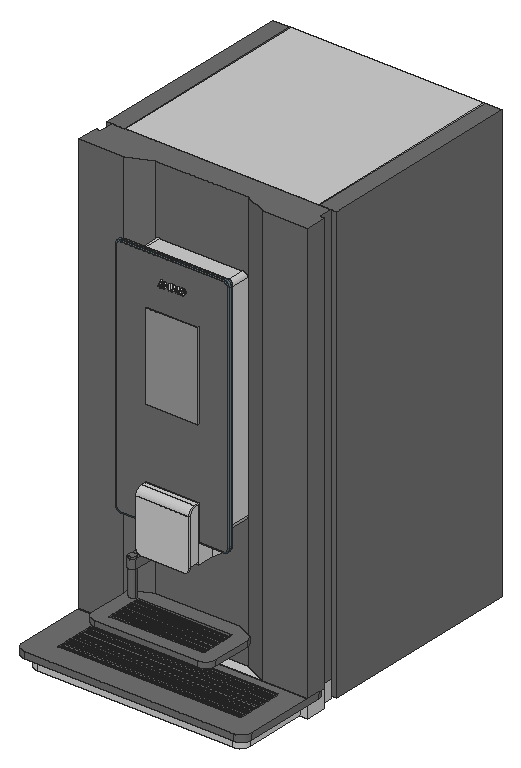
Revit family "QF_Animo_OPTIFRESHTOUCH", category Specialty Equipment, Revit 2014
Parameters (values of type "1006005")
  URL = "www.animo.eu"
  Show Clearance [instance] = yes
  Model = "1006005.000000000000"
  Manufacturer = "ANIMO"
  Description = "OPTIFRESH 3 TOUCH INSTANT COFFEE VENDING MACHINE"
  Assembly Code = "E1090320"
Reference planes
  plane 1 "Back": y = 0
  plane 2: z = 0
  plane 3 "Left": x = 0
  plane 4 "Right": x = 402
  plane 5 "Front": y = -565
  plane 6 "Top": z = 772.3
Forms (mm)
  Extrusion 1, solid
    sketch origin (-500, 0, 0) x (1, 0, 0) y (0, 1, 0)
      loop
        line (500, -390.191) -> (500, -425.191) -> (579.446, -425.191) -> (619.2, -406.011) -> (781.2, -406.011) -> (822.554, -425.191) -> (902, -425.191) -> (902, -390.191) -> (899.784, -387.975) -> (894.784, -387.975) -> (892.8, -385.991) -> (892.8, -362.601) -> (509.2, -362.601) -> (509.2, -385.991) -> (507.216, -387.975) -> (502.216, -387.975) -> (500, -390.191)
    from 34.648 to 772.3
  Extrusion 2, solid
    sketch origin (-498.603, 0, 0) x (1, 0, 0) y (0, 1, 0)
      loop
        line (529.403, -362.4) -> (529.403, 0) -> (498.603, 0) -> (498.603, -362.4) -> (529.403, -362.4)
      loop
        line (900.603, -362.4) -> (900.603, 0) -> (869.803, 0) -> (869.803, -362.4) -> (900.603, -362.4)
    from 7.785 to 772.3
  Extrusion 3, solid
    sketch origin (-498.603, 0, 0) x (1, 0, 0) y (0, 1, 0)
      loop
        line (529.403, 0) -> (529.403, -362.1) -> (869.803, -362.1) -> (869.803, 0) -> (529.403, 0)
    from 772.3 to 75.731
  Extrusion 4, solid
    sketch origin (-500, 0, 0) x (1, 0, 0) y (0, 0, 1)
      loop
        line (773.2, 652.585) -> (627.2, 652.585)
        arc (627.2, 652.585) -> (621.543, 650.242) -> (619.2, 644.585) r 8
        line (619.2, 644.585) -> (619.2, 270.585)
        arc (619.2, 270.585) -> (621.543, 264.928) -> (627.2, 262.585) r 8
        line (627.2, 262.585) -> (773.2, 262.585)
        arc (773.2, 262.585) -> (778.857, 264.928) -> (781.2, 270.585) r 8
        line (781.2, 270.585) -> (781.2, 644.585)
        arc (781.2, 644.585) -> (778.857, 650.242) -> (773.2, 652.585) r 8
    from 406.011 to 459.991
  Extrusion 5, solid
    sketch origin (-500, 0, 0) x (1, 0, 0) y (0, 1, 0)
      loop
        line (753.079, -406.011) -> (647.321, -406.011) -> (647.321, -420.491) -> (653.093, -442.034) -> (653.574, -469.58) -> (746.826, -469.58) -> (747.307, -442.034) -> (753.079, -420.491) -> (753.079, -406.011)
    from 210.236 to 306.931
  Extrusion 6, solid
    sketch origin (-500, -489.133, -0.533) x (1, 0, 0) y (0, 0, 1)
      loop
        line (653.574, 295.466) -> (653.574, 214.245)
        arc (653.574, 214.245) -> (656.508, 207.162) -> (663.591, 204.228) r 10.017
        line (663.591, 204.228) -> (736.809, 204.228)
        arc (736.809, 204.228) -> (743.892, 207.162) -> (746.826, 214.245) r 10.017
        line (746.826, 214.245) -> (746.826, 295.466) -> (653.574, 295.466)
    from 0 to 2
  Extrusion 7, solid
    sketch origin (-500, 0, -0.533) x (0, 1, 0) y (0, 0, 1)
      loop
        arc (-479.135, 307.464) -> (-487.619, 303.95) -> (-491.133, 295.466) r 11.998
        line (-491.133, 295.466) -> (-489.133, 295.466)
        arc (-489.133, 295.466) -> (-486.205, 302.536) -> (-479.135, 305.464) r 9.998
        line (-479.135, 305.464) -> (-469.58, 305.464) -> (-469.58, 307.464) -> (-479.135, 307.464)
    from 653.574 to 746.826
  Extrusion 8, solid
    sketch origin (0, 0, 0) x (0, 1, 0) y (0, 0, 1)
      loop
        line (-489.133, 214.245) -> (-469.58, 214.245) -> (-469.58, 304.931) -> (-479.135, 304.931)
        arc (-479.135, 304.931) -> (-486.205, 302.002) -> (-489.133, 294.932) r 9.998
        line (-489.133, 294.932) -> (-489.133, 214.245)
    from 246.467 to 153.574
  Extrusion 9, solid
    sketch origin (-500, 0, 0) x (1, 0, 0) y (0, 0, 1)
      loop
        arc (610.2, 669.585) -> (605.25, 667.535) -> (603.2, 662.585) r 7
        line (603.2, 662.585) -> (603.2, 252.585)
        arc (603.2, 252.585) -> (605.25, 247.636) -> (610.2, 245.585) r 7
        line (610.2, 245.585) -> (654.259, 245.585) -> (654.259, 307.464) -> (746.141, 307.464) -> (746.141, 245.585) -> (790.2, 245.585)
        arc (790.2, 245.585) -> (795.15, 247.636) -> (797.2, 252.585) r 7
        line (797.2, 252.585) -> (797.2, 662.585)
        arc (797.2, 662.585) -> (795.15, 667.535) -> (790.2, 669.585) r 7
        line (790.2, 669.585) -> (610.2, 669.585)
    from 459.991 to 469.566
  Extrusion 10, solid
    sketch origin (-500, -120, 0) x (1, 0, 0) y (0, 0, 1)
      loop
        line (610.2, 669.585) -> (790.2, 669.585)
        arc (790.2, 669.585) -> (795.15, 667.535) -> (797.2, 662.585) r 7
        line (797.2, 662.585) -> (797.2, 252.585)
        arc (797.2, 252.585) -> (795.15, 247.636) -> (790.2, 245.585) r 7
        line (790.2, 245.585) -> (746.141, 245.585) -> (746.141, 242.585) -> (790.2, 242.585)
        arc (790.2, 242.585) -> (797.271, 245.514) -> (800.2, 252.585) r 10
        line (800.2, 252.585) -> (800.2, 662.585)
        arc (800.2, 662.585) -> (797.271, 669.656) -> (790.2, 672.585) r 10
        line (790.2, 672.585) -> (610.2, 672.585)
        arc (610.2, 672.585) -> (603.129, 669.656) -> (600.2, 662.585) r 10
        line (600.2, 662.585) -> (600.2, 252.585)
        arc (600.2, 252.585) -> (603.129, 245.514) -> (610.2, 242.585) r 10
        line (610.2, 242.585) -> (654.259, 242.585) -> (654.259, 245.585) -> (610.2, 245.585)
        arc (610.2, 245.585) -> (605.25, 247.636) -> (603.2, 252.585) r 7
        line (603.2, 252.585) -> (603.2, 662.585)
        arc (603.2, 662.585) -> (605.25, 667.535) -> (610.2, 669.585) r 7
    from 345 to 349.566
  Extrusion 11, solid
    sketch origin (-500, -469.566, 0) x (1, 0, 0) y (0, 0, 1)
      loop
        line (654.7, 582.585) -> (654.7, 430.585) -> (745.7, 430.585) -> (745.7, 582.585) -> (654.7, 582.585)
    from 0 to 2
  Extrusion 12, solid, visible <- "Show Clearance"
    sketch origin (-500, -469.566, 0) x (1, 0, 0) y (0, 0, 1)
      loop
        line (676.45, 623.922) -> (677.642, 623.922) -> (681.258, 631.675) -> (684.681, 623.922) -> (686.065, 623.922) -> (681.258, 635.2) -> (676.45, 623.922)
      loop
        line (686.987, 623.922) -> (688.064, 623.922) -> (688.064, 630.993) -> (695.136, 623.922) -> (696.273, 623.922) -> (696.273, 634.164) -> (695.136, 634.164) -> (695.136, 625.946) -> (686.987, 634.095) -> (686.987, 623.922)
      loop
        line (698.118, 634.164) -> (698.118, 623.922) -> (699.253, 623.922) -> (699.253, 634.164) -> (698.118, 634.164)
      loop
        line (700.762, 623.922) -> (701.883, 623.922) -> (703.255, 631.701) -> (706.885, 623.186) -> (710.143, 630.829) -> (711.571, 623.922) -> (712.691, 623.922) -> (710.574, 634.164) -> (709.453, 634.164) -> (706.622, 627.522) -> (703.689, 634.164) -> (702.568, 634.164) -> (700.762, 623.922)
      loop
        circle (718.601, 629.021) r 5.143
      loop
        circle (718.601, 629.021) r 4.034
      loop
        circle (681.032, 623.922) r 1.435
    from 0 to 2
  Extrusion 13, solid
    sketch origin (-500, 0, 0) x (1, 0, 0) y (0, 1, 0)
      loop
        line (598.815, -416.144) -> (598.454, -439.586)
        arc (598.454, -439.586) -> (605.409, -447.747) -> (614.569, -442.173) r 8.265
        line (614.569, -442.173) -> (615.157, -408.524) -> (598.815, -416.144)
    from 145 to 160.101
  Extrusion 14, solid
    sketch origin (-500, 0, 0) x (1, 0, 0) y (0, 1, 0)
      loop
        circle (606.4, -439.772) r 6.186
    from 41.241 to 162.271
  Extrusion 15, solid
    sketch origin (-500, 0, -102.5) x (1, 0, 0) y (0, 1, 0)
      loop
        line (598.815, -416.144) -> (598.454, -439.586)
        arc (598.454, -439.586) -> (605.409, -447.747) -> (614.569, -442.173) r 8.265
        line (614.569, -442.173) -> (615.157, -408.524) -> (598.815, -416.144)
    from 145 to 160.101
  Extrusion 16, solid
    sketch origin (-500, 0, 0) x (1, 0, 0) y (0, 1, 0)
      loop
        line (592.478, -439.964) -> (592.478, -509.772)
        arc (592.478, -509.772) -> (597.523, -521.95) -> (609.7, -526.994) r 17.222
        line (609.7, -526.994) -> (790.7, -526.994)
        arc (790.7, -526.994) -> (802.877, -521.95) -> (807.922, -509.772) r 17.222
        line (807.922, -509.772) -> (807.922, -439.964)
        arc (807.922, -439.964) -> (806.08, -433.09) -> (801.048, -428.058) r 13.747
        line (801.048, -428.058) -> (778.578, -417.099) -> (772.802, -415.551) -> (627.598, -415.551) -> (621.822, -417.099) -> (599.352, -428.058)
        arc (599.352, -428.058) -> (594.32, -433.09) -> (592.478, -439.964) r 13.747
      loop
        line (618.4, -441.798) -> (618.4, -505.747) -> (782, -505.747) -> (782, -441.798) -> (618.4, -441.798)
    from 90 to 99.2
  Extrusion 17, solid
    sketch origin (0, 0, 94.2) x (1, 0, 0) y (0, 1, 0)
      loop
        line (118.4, -501.78) -> (282, -501.78) -> (282, -499.28) -> (118.4, -499.28) -> (118.4, -501.78)
      loop
        line (118.4, -492.105) -> (282, -492.105) -> (282, -489.605) -> (118.4, -489.605) -> (118.4, -492.105)
      loop
        line (118.4, -496.943) -> (282, -496.943) -> (282, -494.443) -> (118.4, -494.443) -> (118.4, -496.943)
      loop
        line (118.4, -487.267) -> (282, -487.267) -> (282, -484.767) -> (118.4, -484.767) -> (118.4, -487.267)
      loop
        line (118.4, -482.429) -> (282, -482.429) -> (282, -479.929) -> (118.4, -479.929) -> (118.4, -482.429)
      loop
        line (118.4, -477.591) -> (282, -477.591) -> (282, -475.091) -> (118.4, -475.091) -> (118.4, -477.591)
      loop
        line (118.4, -472.437) -> (282, -472.437) -> (282, -469.937) -> (118.4, -469.937) -> (118.4, -472.437)
      loop
        line (118.4, -467.6) -> (282, -467.6) -> (282, -465.1) -> (118.4, -465.1) -> (118.4, -467.6)
      loop
        line (118.4, -462.762) -> (282, -462.762) -> (282, -460.262) -> (118.4, -460.262) -> (118.4, -462.762)
      loop
        line (118.4, -457.924) -> (282, -457.924) -> (282, -455.424) -> (118.4, -455.424) -> (118.4, -457.924)
      loop
        line (118.4, -453.086) -> (282, -453.086) -> (282, -450.586) -> (118.4, -450.586) -> (118.4, -453.086)
      loop
        line (118.4, -448.248) -> (282, -448.248) -> (282, -445.748) -> (118.4, -445.748) -> (118.4, -448.248)
    from 0 to 5
  Extrusion 18, solid
    sketch origin (0, 0, 0) x (1, 0, 0) y (0, 1, 0)
      loop
        circle (106.4, -439.772) r 12.086
    from 90 to 69.831
  Extrusion 19, solid
    sketch origin (-500, -38.006, 0) x (1, 0, 0) y (0, 1, 0)
      loop
        line (500, -361.874) -> (500, -509.772)
        arc (500, -509.772) -> (505.044, -521.95) -> (517.222, -526.994) r 17.222
        line (517.222, -526.994) -> (884.778, -526.994)
        arc (884.778, -526.994) -> (896.956, -521.95) -> (902, -509.772) r 17.222
        line (902, -509.772) -> (902, -361.874)
        arc (902, -361.874) -> (900.158, -355.001) -> (895.126, -349.969) r 13.747
        line (895.126, -349.969) -> (506.874, -349.969)
        arc (506.874, -349.969) -> (501.842, -355.001) -> (500, -361.874) r 13.747
      loop
        line (544.388, -403.239) -> (544.388, -487.294) -> (862.872, -487.294) -> (862.872, -403.239) -> (544.388, -403.239)
    from 34.648 to 23.5
  Extrusion 20, solid
    sketch origin (-74.012, -19.553, 29.648) x (1, 0, 0) y (0, 1, 0)
      loop
        line (118.4, -503.78) -> (436.883, -503.78) -> (436.883, -501.28) -> (118.4, -501.28) -> (118.4, -503.78)
      loop
        line (118.4, -494.105) -> (436.883, -494.105) -> (436.883, -491.605) -> (118.4, -491.605) -> (118.4, -494.105)
      loop
        line (118.4, -498.943) -> (436.883, -498.943) -> (436.883, -496.443) -> (118.4, -496.443) -> (118.4, -498.943)
      loop
        line (118.4, -489.267) -> (436.883, -489.267) -> (436.883, -486.767) -> (118.4, -486.767) -> (118.4, -489.267)
      loop
        line (118.4, -484.429) -> (436.883, -484.429) -> (436.883, -481.929) -> (118.4, -481.929) -> (118.4, -484.429)
      loop
        line (118.4, -479.591) -> (436.883, -479.591) -> (436.883, -477.091) -> (118.4, -477.091) -> (118.4, -479.591)
      loop
        line (118.4, -474.437) -> (436.883, -474.437) -> (436.883, -471.937) -> (118.4, -471.937) -> (118.4, -474.437)
      loop
        line (118.4, -469.6) -> (436.883, -469.6) -> (436.883, -467.1) -> (118.4, -467.1) -> (118.4, -469.6)
      loop
        line (118.4, -464.762) -> (436.883, -464.762) -> (436.883, -462.262) -> (118.4, -462.262) -> (118.4, -464.762)
      loop
        line (118.4, -459.924) -> (436.883, -459.924) -> (436.883, -457.424) -> (118.4, -457.424) -> (118.4, -459.924)
      loop
        line (118.4, -455.086) -> (436.883, -455.086) -> (436.883, -452.586) -> (118.4, -452.586) -> (118.4, -455.086)
      loop
        line (118.4, -450.248) -> (436.883, -450.248) -> (436.883, -447.748) -> (118.4, -447.748) -> (118.4, -450.248)
      loop
        line (118.4, -445.41) -> (436.883, -445.41) -> (436.883, -442.91) -> (118.4, -442.91) -> (118.4, -445.41)
      loop
        line (118.4, -440.573) -> (436.883, -440.573) -> (436.883, -438.073) -> (118.4, -438.073) -> (118.4, -440.573)
      loop
        line (118.4, -435.735) -> (436.883, -435.735) -> (436.883, -433.235) -> (118.4, -433.235) -> (118.4, -435.735)
      loop
        line (118.4, -430.897) -> (436.883, -430.897) -> (436.883, -428.397) -> (118.4, -428.397) -> (118.4, -430.897)
      loop
        line (118.4, -426.059) -> (436.883, -426.059) -> (436.883, -423.559) -> (118.4, -423.559) -> (118.4, -426.059)
    from 0 to 5
  Extrusion 21, solid
    sketch origin (-497.903, 0, 0) x (1, 0, 0) y (0, 1, 0)
      loop
        line (529.103, -0.8) -> (529.103, -395.25) -> (869.103, -395.25) -> (869.103, -0.8) -> (529.103, -0.8)
    from 3 to 75.731
  Extrusion 22, solid
    sketch origin (-500, 0, 0) x (1, 0, 0) y (0, 1, 0)
      loop
        line (501.7, -425.291) -> (901.7, -425.291) -> (901.7, -388.641) -> (892.481, -388.641) -> (892.481, -363.291) -> (510.919, -363.291) -> (510.919, -388.641) -> (501.7, -388.641) -> (501.7, -425.291)
    from 3 to 34.648
  Extrusion 23, solid
    sketch origin (-500, 0, 0) x (1, 0, 0) y (0, 1, 0)
      loop
        line (512.05, -423.641) -> (512.05, -533.641)
        arc (512.05, -533.641) -> (517.228, -546.141) -> (529.728, -551.318) r 17.678
        line (529.728, -551.318) -> (871.056, -551.318)
        arc (871.056, -551.318) -> (883.556, -546.141) -> (888.734, -533.641) r 17.678
        line (888.734, -533.641) -> (888.734, -423.641) -> (512.05, -423.641)
    from 23.5 to 3.137
  Extrusion 24, solid
    sketch origin (-500, 2, 0) x (1, 0, 0) y (0, 0, 1)
      loop
        line (587.553, 66.635) -> (552.053, 66.635) -> (552.053, 39.135) -> (587.553, 39.135) -> (587.553, 66.635)
    from 0 to 2
  Extrusion 25, solid
    sketch origin (-512.434, 0, 0) x (1, 0, 0) y (0, 0, 1)
      loop
        circle (848.353, 53.685) r 13.35
      loop
        circle (848.353, 53.685) r 11.35
    from 15.25 to -18.59
  Extrusion 26, solid
    sketch origin (-500, 0, 0) x (1, 0, 0) y (0, 1, 0)
      loop
        circle (519.103, -49.802) r 7.302
      loop
        circle (519.103, -332.298) r 7.302
      loop
        circle (879.897, -49.802) r 7.302
      loop
        circle (879.897, -332.298) r 7.302
    from 0 to 7.785
Cuts and joins
  joined: Extrusion 4, Extrusion 5
Lines and regions (mm)
  symbolic lines, style "200-EquipBorder-2D"
    curve 1: line (0, 0, 0) -> (0, -362.4, 0)
    curve 2: line (0, -362.4, 0) -> (10, -362.4, 0)
    curve 3: line (10, -362.4, 0) -> (10, -387.4, 0)
    curve 4: line (10, -387.4, 0) -> (0, -387.4, 0)
    curve 5: line (0, -387.4, 0) -> (0, -425.191, 0)
    curve 6: line (0, -425.191, 0) -> (79.446, -425.191, 0)
    curve 7: line (79.446, -425.191, 0) -> (119.2, -406.011, 0)
    curve 8: line (119.2, -406.011, 0) -> (281.2, -406.011, 0)
    curve 9: line (281.2, -406.011, 0) -> (322.554, -425.191, 0)
    curve 10: line (322.554, -425.191, 0) -> (402, -425.191, 0)
    curve 11: line (402, -362.4, 0) -> (392, -362.4, 0)
    curve 12: line (392, -362.4, 0) -> (392, -387.4, 0)
    curve 13: line (392, -387.4, 0) -> (402, -387.4, 0)
    curve 14: line (402, -387.4, 0) -> (402, -425.191, 0)
    curve 15: line (99.323, -415.601, 0) -> (99.323, -428.072, 0)
    curve 16: line (115.167, -407.957, 0) -> (115.167, -420.345, 0)
    curve 17: line (115.167, -420.345, 0) -> (119.2, -418.016, 0)
    curve 18: line (0, -425.191, 0) -> (0, -547.778, 0)
    curve 19: arc (0, -547.778, 0) -> (5.044, -559.956, 0) -> (17.222, -565, 0) r 17.222
    curve 20: line (17.222, -565, 0) -> (384.778, -565, 0)
    curve 21: line (402, -425.191, 0) -> (402, -547.778, 0)
    curve 22: arc (402, -547.778, 0) -> (396.956, -559.956, 0) -> (384.778, -565, 0) r 17.222
    curve 23: arc (92.478, -439.966, 0) -> (94.312, -433.105, 0) -> (99.323, -428.072, 0) r 13.756
    curve 24: line (92.478, -439.966, 0) -> (92.478, -509.772, 0)
    curve 25: arc (92.478, -509.772, 0) -> (97.523, -521.95, 0) -> (109.7, -526.994, 0) r 17.222
    curve 26: line (109.7, -526.994, 0) -> (290.7, -526.994, 0)
    curve 27: arc (307.922, -439.966, 0) -> (305.825, -432.666, 0) -> (300.174, -427.592, 0) r 13.756
    curve 28: line (307.922, -439.966, 0) -> (307.922, -509.772, 0)
    curve 29: arc (307.922, -509.772, 0) -> (302.877, -521.95, 0) -> (290.7, -526.994, 0) r 17.222
    curve 30: line (281.2, -418.377, 0) -> (300.174, -427.592, 0)
    curve 33: line (402, 0, 0) -> (402, -362.4, 0)
    curve 34: line (119.2, -406.011, 0) -> (119.2, -459.991, 0)
    curve 35: line (103.2, -459.991, 0) -> (103.2, -464.778, 0)
    curve 36: line (100.2, -464.778, 0) -> (100.2, -469.566, 0)
    curve 37: line (100.2, -469.566, 0) -> (153.2, -469.566, 0)
    curve 38: line (153.2, -491.133, 0) -> (246.826, -491.133, 0)
    curve 39: line (246.826, -491.133, 0) -> (246.826, -469.58, 0)
    curve 40: line (246.826, -469.58, 0) -> (300.351, -469.58, 0)
    curve 41: line (300.351, -469.58, 0) -> (300.351, -465, 0)
    curve 42: line (300.351, -465, 0) -> (297.2, -465, 0)
    curve 43: line (297.2, -459.991, 0) -> (281.2, -459.991, 0)
    curve 49: line (119.2, -459.991, 0) -> (103.2, -459.991, 0)
    curve 50: line (100.2, -464.778, 0) -> (103.2, -464.778, 0)
    curve 51: line (297.2, -459.991, 0) -> (297.2, -465, 0)
    curve 52: line (281.2, -459.991, 0) -> (281.2, -406.011, 0)
    curve 53: line (153.2, -491.133, 0) -> (153.2, -469.566, 0)
    curve 56: line (0, 0, 0) -> (402, 0, 0)
    curve 57: line (349.269, 18.59, 0) -> (349.269, 0, 0)
    curve 58: line (349.269, 18.59, 0) -> (322.568, 18.59, 0)
    curve 59: line (322.568, 18.59, 0) -> (322.568, 0, 0)
  symbolic lines, style "200-EquipInternal-2D"
    curve 31: line (10, -362.4, 0) -> (30.8, -362.4, 0)
    curve 32: line (30.8, 0, 0) -> (30.8, -362.4, 0)
    curve 44: line (119.2, -459.991, 0) -> (281.2, -459.991, 0)
    curve 45: line (153.2, -469.566, 0) -> (246.808, -469.566, 0)
    curve 46: line (99.323, -428.072, 0) -> (99.323, -439.584, 0)
    curve 47: line (114.615, -439.584, 0) -> (115.167, -420.345, 0)
    curve 48: arc (114.615, -439.584, 0) -> (106.969, -447.23, 0) -> (99.323, -439.584, 0) r 7.646
    curve 54: line (392, -362.4, 0) -> (30.8, -362.4, 0)
    curve 55: line (371.2, 0, 0) -> (371.2, -360, 0)
Dimensions and locks
  aligned and locked: level to plane 2
Connectors
  electrical at (69.803, 0, 52.885)
    settings: on Extrusion 24, index 1, voltage 0 V, apparent load 0 VA, apparent load phase1 0 VA, apparent load phase2 0 VA, apparent load phase3 0 VA, power factor 1, load classification "Other", number of poles 1, system type 31, power factor state 1, is connector primary yes, connector utility no, sub classification motor no, connector description "Electrical Connection"
  piping at (335.919, 18.59, 53.685), diameter 20
    settings: on Extrusion 25, index 2, connector inside diameter 24", connector length 0 mm, flow factor 0, pipe flow 0.0 L/s, pressure drop 0.0 Pa, fitting loss kfactor 0, connector angle 0.00°, fixture units 0, engagement length 0 mm, angle of deflection 0.00°, flow configuration 0, flow direction 1, fitting loss method 0, system type 20, joint type 0, gender type 0, connector reference index -1, connector utility 0, adjustable connector no, is connector primary yes, connector description "Cold Water Connection"
